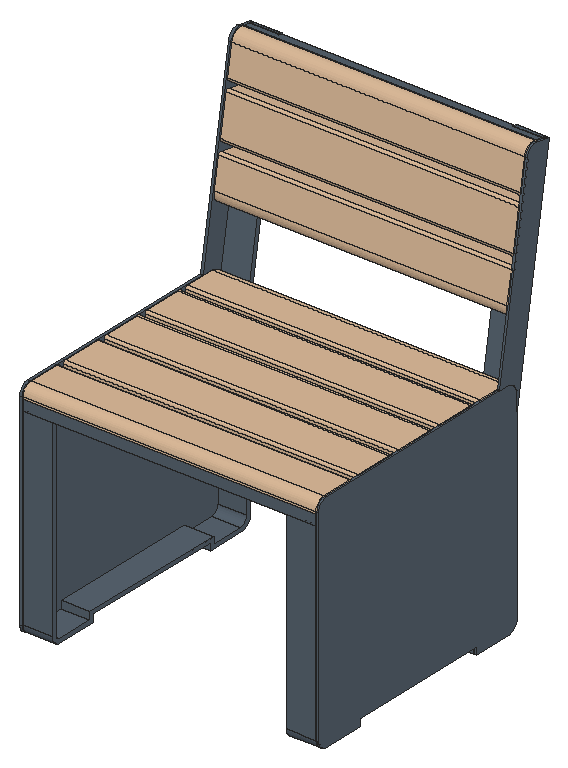
Revit family "product code 61103-S-L", category Meble, Revit 2021
Family settings
  Numer OmniClass = 23.40.20.00
  Tytuł OmniClass = General Furniture and Specialties
  Oparty na płaszczyźnie roboczej = Nie
  Zawsze pionowo = Tak
  Tnij formami wycięć po wczytaniu = Nie
  Współdzielony = Nie
  Punkt obliczania pomieszczeń = Nie
Parameters (values of type "61103-S-L")
  wood = Kobenhagen Wood - Larch
  metal = Kobenhagen RAL 5011
  Width = "58 cm"
  Weight = "40 kg"
  URL = "https://kobenhagen.com/en_US/p/Indre-By-Chair/208"
  Seat height = "45 cm"
  Product line = "Indre By"
  Product Groups = "Chairs"
  Producent = "Lars Laj"
  Keynote = ""
  Opis = "Indre By Chair"
  Model = "61101-S-L"
  Material = "Larch, stainless steel, powder coated steel"
  Maintenance = "We recommend to examine and tighten all screws and bolt clamps after a few weeks’ use. In order to prevent cracks and to extend the life of the wood, it is recommended that the wood details should be oiled every 3-5 years."
  Lenght = "60 cm"
  Type Comments = ""
  Kobenhagen Materials = "larslaj.com/bim"
  Hosted on larslaj.com = "https://larslaj.com/bim"
  Height = "86 cm"
  Domyślna rzędna = 0 mm
  Copyright = "All designs and drawings are the intellectual property of Lars Laj A/S and are protected by Danish and international copyright laws."
Reference planes
  plane 1 "front": y = 0
  plane 2: z = 0
  plane 3 "Środek (Lewa/Prawa)": x = 0
  plane 4 "left": x = -295.625
  plane 5 "right": x = 295.625
  plane 6 "back": y = 575.242
  plane 7: x = -235.625
Forms (mm)
  Extrusion 1, solid, material "Kobenhagen Wood - Larch" <- "wood"
    sketch origin (0, -0.031, 21.46) x (0, 1, 0) y (0, 0, 1)
      loop
        arc (260.118, 430.04) -> (256.583, 428.576) -> (255.118, 425.04) r 5
        line (255.118, 425.04) -> (255.118, 388.972)
        arc (255.118, 388.972) -> (255.693, 387.586) -> (257.078, 387.012) r 1.96
        line (257.078, 387.012) -> (342.493, 387.012)
        arc (342.493, 387.012) -> (343.908, 387.598) -> (344.493, 389.012) r 2
        line (344.493, 389.012) -> (344.493, 425.04)
        arc (344.493, 425.04) -> (343.029, 428.576) -> (339.493, 430.04) r 5
        line (339.493, 430.04) -> (260.118, 430.04)
    from -295.625 to 295.625
  Extrusion 2, solid, material "Kobenhagen Wood - Larch" <- "wood"
    sketch origin (0, -102.48, 21.46) x (0, 1, 0) y (0, 0, 1)
      loop
        arc (260.118, 430.04) -> (256.583, 428.576) -> (255.118, 425.04) r 5
        line (255.118, 425.04) -> (255.118, 388.972)
        arc (255.118, 388.972) -> (255.693, 387.586) -> (257.078, 387.012) r 1.96
        line (257.078, 387.012) -> (342.493, 387.012)
        arc (342.493, 387.012) -> (343.908, 387.598) -> (344.493, 389.012) r 2
        line (344.493, 389.012) -> (344.493, 425.04)
        arc (344.493, 425.04) -> (343.029, 428.576) -> (339.493, 430.04) r 5
        line (339.493, 430.04) -> (260.118, 430.04)
    from -295.625 to 295.625
  Extrusion 3, solid, material "Kobenhagen Wood - Larch" <- "wood"
    sketch origin (0, -204.98, 21.46) x (0, 1, 0) y (0, 0, 1)
      loop
        arc (275.801, 430.04) -> (261.548, 424.097) -> (255.741, 409.787) r 20.061
        line (255.741, 409.787) -> (255.741, 405.469) -> (259.281, 405.469) -> (259.281, 387.013) -> (343.118, 387.013)
        arc (343.118, 387.013) -> (344.532, 387.598) -> (345.117, 389.012) r 1.999
        line (345.117, 389.012) -> (345.117, 425.043)
        arc (345.117, 425.043) -> (343.653, 428.577) -> (340.119, 430.04) r 4.998
        line (340.119, 430.04) -> (275.801, 430.04)
    from -295.625 to 295.625
  Extrusion 4, solid, material "Kobenhagen Wood - Larch" <- "wood"
    sketch origin (0, 102.52, 23.25) x (0, 1, 0) y (0, 0, 1)
      loop
        arc (260.118, 428.25) -> (256.583, 426.786) -> (255.118, 423.25) r 5
        line (255.118, 423.25) -> (255.118, 387.182)
        arc (255.118, 387.182) -> (255.693, 385.796) -> (257.078, 385.222) r 1.96
        line (257.078, 385.222) -> (342.493, 385.222)
        arc (342.493, 385.222) -> (343.908, 385.808) -> (344.493, 387.222) r 2
        line (344.493, 387.222) -> (344.493, 423.25)
        arc (344.493, 423.25) -> (343.029, 426.786) -> (339.493, 428.25) r 5
        line (339.493, 428.25) -> (260.118, 428.25)
    from -295.625 to 295.625
  Extrusion 5, solid, material "Kobenhagen Wood - Larch" <- "wood"
    sketch origin (0, 943.724, 450.045) x (0, 0.173648, 0.984808) y (0, -0.984808, 0.173648)
      loop
        arc (260.118, 430.036) -> (256.583, 428.571) -> (255.118, 425.036) r 5
        line (255.118, 425.036) -> (255.118, 389.305)
        arc (255.118, 389.305) -> (255.693, 387.919) -> (257.078, 387.345) r 1.96
        line (257.078, 387.345) -> (340.844, 387.345) -> (341.158, 405.34) -> (343.808, 405.34)
        arc (343.808, 405.34) -> (338.282, 422.627) -> (321.714, 430.036) r 22.231
        line (321.714, 430.036) -> (260.118, 430.036)
    from -295.625 to 295.625
  Extrusion 6, solid, material "Kobenhagen Wood - Larch" <- "wood"
    sketch origin (0, 925.653, 348.398) x (0, 0.173648, 0.984808) y (0, -0.984808, 0.173648)
      loop
        arc (260.118, 429.703) -> (256.583, 428.239) -> (255.118, 424.703) r 5
        line (255.118, 424.703) -> (255.118, 388.972)
        arc (255.118, 388.972) -> (255.693, 387.586) -> (257.078, 387.012) r 1.96
        line (257.078, 387.012) -> (342.493, 387.012)
        arc (342.493, 387.012) -> (343.908, 387.598) -> (344.493, 389.012) r 2
        line (344.493, 389.012) -> (344.493, 424.703)
        arc (344.493, 424.703) -> (343.029, 428.239) -> (339.493, 429.703) r 5
        line (339.493, 429.703) -> (260.118, 429.703)
    from -295.625 to 295.625
  Extrusion 7, solid, material "Kobenhagen RAL 5011" <- "metal", not visible
    sketch origin (0, 0, 0) x (0, 1, 0) y (0, 0, 1)
      loop
        arc (71.187, 451.5) -> (57.045, 445.642) -> (51.187, 431.5) r 20
        line (51.187, 431.5) -> (51.187, 18.231)
        arc (51.187, 18.231) -> (56.527, 5.34) -> (69.418, 0) r 18.231
        line (69.418, 0) -> (153.638, 0) -> (153.638, 15) -> (448.638, 15) -> (448.638, 0) -> (527.023, 0)
        arc (527.023, 0) -> (542.307, 6.331) -> (548.638, 21.615) r 21.615
        line (548.638, 21.615) -> (548.638, 429.407)
        arc (548.638, 429.407) -> (542.168, 445.029) -> (526.545, 451.5) r 22.093
        line (526.545, 451.5) -> (71.187, 451.5)
    from 750.378 to 745
  Extrusion 8, solid, material "Kobenhagen RAL 5011" <- "metal", not visible
    sketch origin (0, 0, 0) x (0, 1, 0) y (0, 0, 1)
      loop
        line (548.638, 396.844) -> (629.375, 854.725) -> (601.836, 859.581)
        arc (601.836, 859.581) -> (585.224, 855.898) -> (576.082, 841.547) r 22.232
        line (576.082, 841.547) -> (507.306, 451.5) -> (526.545, 451.5)
        arc (526.545, 451.5) -> (542.168, 445.029) -> (548.638, 429.407) r 22.093
        line (548.638, 429.407) -> (548.638, 396.844)
    from 745 to 750.378
  Extrusion 9, solid, material "Kobenhagen RAL 5011" <- "metal"
    sketch origin (449.375, 0, 0) x (0, -1, 0) y (0, 0, 1)
      loop
        line (-71.187, 451.5) -> (-526.545, 451.5)
        arc (-526.545, 451.5) -> (-542.168, 445.029) -> (-548.638, 429.407) r 22.093
        line (-548.638, 429.407) -> (-548.638, 21.615)
        arc (-548.638, 21.615) -> (-542.307, 6.331) -> (-527.023, 0) r 21.615
        line (-527.023, 0) -> (-448.638, 0) -> (-448.638, 15) -> (-153.638, 15) -> (-153.638, 0) -> (-69.418, 0)
        arc (-69.418, 0) -> (-56.527, 5.34) -> (-51.187, 18.231) r 18.231
        line (-51.187, 18.231) -> (-51.187, 431.5)
        arc (-51.187, 431.5) -> (-57.045, 445.642) -> (-71.187, 451.5) r 20
    from 750.378 to 745
  Extrusion 10, solid, material "Kobenhagen RAL 5011" <- "metal"
    sketch origin (449.375, 0, 0) x (0, -1, 0) y (0, 0, 1)
      loop
        line (-548.638, 396.844) -> (-548.638, 429.407)
        arc (-548.638, 429.407) -> (-542.168, 445.029) -> (-526.545, 451.5) r 22.093
        line (-526.545, 451.5) -> (-507.306, 451.5) -> (-576.082, 841.547)
        arc (-576.082, 841.547) -> (-585.224, 855.898) -> (-601.836, 859.581) r 22.232
        line (-601.836, 859.581) -> (-629.375, 854.725) -> (-548.638, 396.844)
    from 745 to 750.378
  Extrusion 11, solid, material "Kobenhagen RAL 5011" <- "metal"
    sketch origin (0, 0, 0) x (0, 1, 0) y (0, 0, 1)
      loop
        line (548.638, 396.844) -> (629.375, 854.725) -> (621.989, 856.027) -> (543.073, 408.472) -> (51.187, 408.472) -> (51.187, 18.763)
        arc (51.187, 18.763) -> (56.683, 5.495) -> (69.95, 0) r 18.763
        line (69.95, 0) -> (153.638, 0) -> (153.638, 15) -> (448.638, 15) -> (448.638, 0) -> (525.342, 0)
        arc (525.342, 0) -> (541.815, 6.823) -> (548.638, 23.296) r 23.296
        line (548.638, 23.296) -> (548.638, 396.844)
      loop
        line (58.687, 400.262) -> (58.687, 18.763)
        arc (58.687, 18.763) -> (61.986, 10.799) -> (69.95, 7.5) r 11.263
        line (69.95, 7.5) -> (146.138, 7.5) -> (146.138, 22.5) -> (456.138, 22.5) -> (456.138, 7.5) -> (525.342, 7.5)
        arc (525.342, 7.5) -> (536.512, 12.127) -> (541.138, 23.296) r 15.796
        line (541.138, 23.296) -> (541.138, 400.262) -> (58.687, 400.262)
    from -295.625 to -235.625
  Extrusion 12, solid, material "Kobenhagen RAL 5011" <- "metal"
    sketch origin (0, 0, 0) x (0, 1, 0) y (0, 0, 1)
      loop
        line (578.693, 567.292) -> (629.375, 854.725) -> (621.989, 856.027) -> (571.307, 568.594) -> (578.693, 567.292)
      loop
        line (548.09, 408.472) -> (58.09, 408.472) -> (58.09, 400.262) -> (548.09, 400.262) -> (548.09, 408.472)
    from -238.345 to -298.116
  Extrusion 13, solid, material "Kobenhagen RAL 5011" <- "metal"
    sketch origin (-449.375, 0, 0) x (0, 1, 0) y (0, 0, 1)
      loop
        arc (71.187, 451.5) -> (57.045, 445.642) -> (51.187, 431.5) r 20
        line (51.187, 431.5) -> (51.187, 18.231)
        arc (51.187, 18.231) -> (56.527, 5.34) -> (69.418, 0) r 18.231
        line (69.418, 0) -> (153.638, 0) -> (153.638, 15) -> (448.638, 15) -> (448.638, 0) -> (527.023, 0)
        arc (527.023, 0) -> (542.307, 6.331) -> (548.638, 21.615) r 21.615
        line (548.638, 21.615) -> (548.638, 429.407)
        arc (548.638, 429.407) -> (542.168, 445.029) -> (526.545, 451.5) r 22.093
        line (526.545, 451.5) -> (71.187, 451.5)
    from 750.378 to 745
  Extrusion 14, solid, material "Kobenhagen RAL 5011" <- "metal"
    sketch origin (-449.375, 0, 0) x (0, 1, 0) y (0, 0, 1)
      loop
        line (548.638, 396.844) -> (629.375, 854.725) -> (601.836, 859.581)
        arc (601.836, 859.581) -> (585.224, 855.898) -> (576.082, 841.547) r 22.232
        line (576.082, 841.547) -> (507.306, 451.5) -> (526.545, 451.5)
        arc (526.545, 451.5) -> (542.168, 445.029) -> (548.638, 429.407) r 22.093
        line (548.638, 429.407) -> (548.638, 396.844)
    from 745 to 750.378
  Extrusion 15, solid, material "Kobenhagen RAL 5011" <- "metal"
    sketch origin (0, 0, 0) x (0, 1, 0) y (0, 0, -1)
      loop
        line (548.638, -396.844) -> (548.638, -23.296)
        arc (548.638, -23.296) -> (541.815, -6.823) -> (525.342, 0) r 23.296
        line (525.342, 0) -> (448.638, 0) -> (448.638, -15) -> (153.638, -15) -> (153.638, 0) -> (69.95, 0)
        arc (69.95, 0) -> (56.683, -5.495) -> (51.187, -18.763) r 18.763
        line (51.187, -18.763) -> (51.187, -408.472) -> (543.073, -408.472) -> (621.989, -856.027) -> (629.375, -854.725) -> (548.638, -396.844)
      loop
        line (58.687, -400.262) -> (541.138, -400.262) -> (541.138, -23.296)
        arc (541.138, -23.296) -> (536.512, -12.127) -> (525.342, -7.5) r 15.796
        line (525.342, -7.5) -> (456.138, -7.5) -> (456.138, -22.5) -> (146.138, -22.5) -> (146.138, -7.5) -> (69.95, -7.5)
        arc (69.95, -7.5) -> (61.986, -10.799) -> (58.687, -18.763) r 11.263
        line (58.687, -18.763) -> (58.687, -400.262)
    from -295.625 to -235.625
  Extrusion 16, solid, material "Kobenhagen RAL 5011" <- "metal"
    sketch origin (0, 0, 0) x (0, 1, 0) y (0, 0, -1)
      loop
        line (578.693, -567.292) -> (571.307, -568.594) -> (621.989, -856.027) -> (629.375, -854.725) -> (578.693, -567.292)
      loop
        line (548.09, -408.472) -> (548.09, -400.262) -> (58.09, -400.262) -> (58.09, -408.472) -> (548.09, -408.472)
    from -238.345 to -298.116
  Extrusion 17, solid, material "Kobenhagen RAL 5011" <- "metal"
    sketch origin (0, -0.186, -0.127) x (0, 1, 0) y (0, 0, 1)
      loop
        line (624.909, 855.672) -> (604.74, 859.228) -> (604.207, 856.208) -> (621.46, 853.027) -> (618.538, 836.456) -> (621.274, 835.952) -> (624.909, 855.672)
    from -295.625 to 295.625
  Extrusion 18, solid, material "Kobenhagen Wood - Larch" <- "wood"
    sketch origin (0, 1011.113, 833.629) x (0, -0.173648, -0.984808) y (0, 0.984808, -0.173648)
      loop
        line (260.118, -430.036) -> (321.714, -430.036)
        arc (321.714, -430.036) -> (338.282, -422.627) -> (343.808, -405.34) r 22.231
        line (343.808, -405.34) -> (341.158, -405.34) -> (340.844, -387.345) -> (257.078, -387.345)
        arc (257.078, -387.345) -> (255.693, -387.919) -> (255.118, -389.305) r 1.96
        line (255.118, -389.305) -> (255.118, -425.036)
        arc (255.118, -425.036) -> (256.583, -428.571) -> (260.118, -430.036) r 5
    from -295.625 to 295.625
  Extrusion 19, solid, material "Kobenhagen RAL 5011" <- "metal"
    sketch origin (0, 278.577, 1579.643) x (0, 0.939693, -0.34202) y (0, 0.34202, 0.939693)
      loop
        line (624.848, -855.34) -> (621.274, -835.952) -> (618.538, -836.456) -> (621.529, -853.416) -> (604.276, -856.597) -> (604.709, -859.052) -> (624.848, -855.34)
    from -295.625 to 295.625
  Extrusion 20, solid, material "Kobenhagen RAL 5011" <- "metal"
    sketch origin (0, 1005.63, 865.228) x (0, -0.181284, -0.983431) y (0, 0.983431, -0.181284)
      loop
        line (624.926, -855.759) -> (621.274, -835.952) -> (618.538, -836.456) -> (621.589, -853.003) -> (603.539, -856.331) -> (604.14, -859.591) -> (624.926, -855.759)
    from -295.625 to 295.625
  Extrusion 21, solid, material "Kobenhagen Wood - Larch" <- "wood"
    sketch origin (0, 803.849, 21.796) x (0, -1, 0) y (0, 0, -1)
      loop
        line (275.801, -429.704) -> (340.119, -429.704)
        arc (340.119, -429.704) -> (343.653, -428.24) -> (345.117, -424.706) r 4.998
        line (345.117, -424.706) -> (345.117, -388.675)
        arc (345.117, -388.675) -> (344.532, -387.261) -> (343.118, -386.676) r 1.999
        line (343.118, -386.676) -> (259.281, -386.676) -> (259.281, -405.469) -> (255.741, -405.469) -> (255.741, -409.451)
        arc (255.741, -409.451) -> (261.548, -423.76) -> (275.801, -429.704) r 20.061
    from -295.625 to 295.625
  Extrusion 22, solid, material "Kobenhagen RAL 5011" <- "metal"
    sketch origin (0, -406.986, 865.118) x (0, 0.181284, -0.983431) y (0, 0.983431, 0.181284)
      loop
        line (624.963, 855.963) -> (603.738, 859.876) -> (603.1, 856.412) -> (621.582, 853.005) -> (618.531, 836.458) -> (621.274, 835.952) -> (624.963, 855.963)
    from -295.625 to 295.625
Lines and regions (mm)
  model lines, style "9"
    curve 1: line (-315.53, -352.467, 0) -> (-315.53, -346.467, 0)
    curve 2: line (-315.53, -652.467, 0) -> (-315.53, -658.467, 0)
Dimensions and locks
  Extrusion 1 sketch curve to Extrusion 1 sketch curve = 89.375 mm
  Extrusion 1 sketch curve to Extrusion 1 sketch curve = 43.028 mm
  Extrusion 2 sketch curve to Extrusion 2 sketch curve = 89.375 mm
  Extrusion 2 sketch curve to Extrusion 2 sketch curve = 43.028 mm
  Extrusion 3 sketch curve to Extrusion 3 sketch curve = 43.028 mm
  Extrusion 4 sketch curve to Extrusion 4 sketch curve = 89.375 mm
  Extrusion 4 sketch curve to Extrusion 4 sketch curve = 43.028 mm
  Extrusion 5 sketch curve to Extrusion 5 sketch curve = 42.691 mm
  Extrusion 6 sketch curve to Extrusion 6 sketch curve = 89.375 mm
  Extrusion 6 sketch curve to Extrusion 6 sketch curve = 42.691 mm
  Extrusion 18 sketch curve to Extrusion 18 sketch curve = 42.691 mm
  Extrusion 21 sketch curve to Extrusion 21 sketch curve = 43.028 mm
  aligned and locked: level to plane 2
  aligned and locked: plane 5 "right" to Extrusion 1
  aligned and locked: Extrusion 1 to plane 4 "left"
  aligned and locked: plane 5 "right" to Extrusion 4
  aligned and locked: plane 5 "right" to Extrusion 2
  aligned and locked: plane 5 "right" to Extrusion 3
  aligned and locked: plane 5 "right" to Extrusion 5
  aligned and locked: plane 5 "right" to Extrusion 6
  aligned and locked: Extrusion 5 to plane 4 "left"
  aligned and locked: Extrusion 6 to plane 4 "left"
  aligned and locked: Extrusion 4 to plane 4 "left"
  aligned and locked: Extrusion 2 to plane 4 "left"
  aligned and locked: Extrusion 3 to plane 4 "left"
  aligned and locked: Extrusion 9 to Extrusion 10
  aligned and locked: plane 4 "left" to Extrusion 9
  aligned and locked: Extrusion 11 to plane 4 "left"
  aligned and locked: plane 7 to Extrusion 11
  aligned and locked: Extrusion 13 to Extrusion 14
